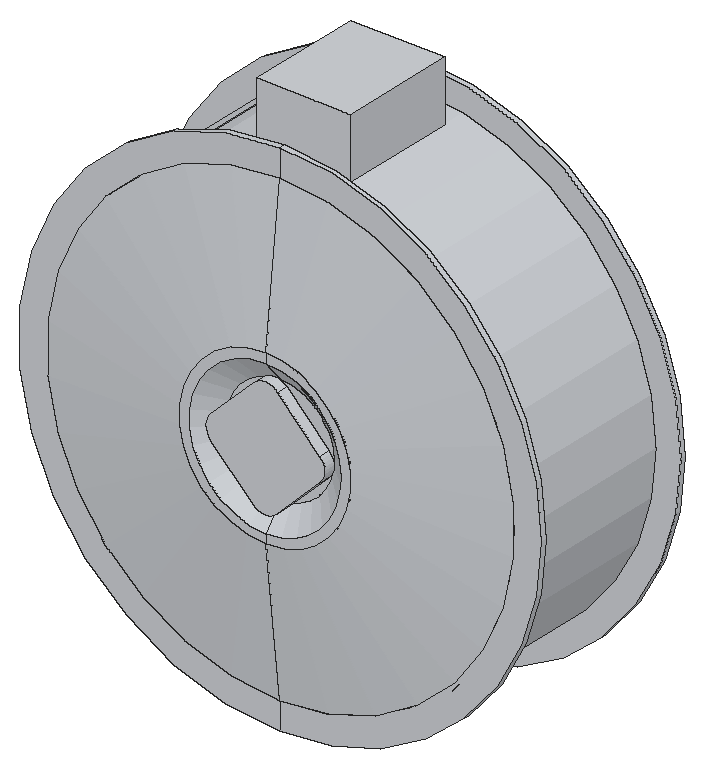
Revit family "17.1  Канальный осевой вентилятор FE Тип B", category Оборудование, Revit 2016
Family settings
  Тип детали = Нормальный
  Размер круглого соединителя = Использовать диаметр
  На основе рабочей плоскости = Нет
  Всегда вертикально = Да
  При загрузке вырезать с полостями = Нет
  Общий = Нет
  Точка расчета площади = Нет
Parameters (values of type "FE056-VDF")
  х = Д * 0.2  # 111.8 mm
  Частотный преобразователь [instance] = no
  Частота вращения n, об/мин = "1320"
  Тип, марка, обозначение = "FE056-VDF.4M.V7"
  Теплопроизводительность, кВт = ""
  Сила тока J, А = "2.6"
  Регулятор расхода [instance] = no
  Раздел = "ОВ"
  Примечание = ""
  Позиция = ""
  Напряжение U,В = ""
  Наименование и тех.хар-ка = " Канальный осевой вентилятор"  # constant formula
  Мощность, кВт = 1.25 W
  Материал = Сталь серая
  Масса единицы = "21 кг"
  Размер В = 11.5 mm
  Код, оборудования = ""
  Ключевая пометка = "Вентиляция"
  И = 72 mm  # constant formula
  Задание электрикам [instance] = no
  Задание автоматчикам [instance] = no
  Завод изготовитель = "KORF"  # constant formula
  Ж = 210 mm
  Единица измерения = "шт."  # constant formula
  Е = 22 mm
  Д3 = Д * 0.11  # 61.49 mm
  Д2 = Д * 0.15  # 83.85 mm
  Д1 = Д / 2  # 279.5 mm
  Д = 559 mm
  Г1 = Г / 2  # 317.5 mm
  Б = 16 mm
  А = 605 mm
  Г = 635 mm
Types (5, lengths in mm): name | х | Частота вращения n, об/мин | Тип, марка, обозначение | Сила тока J, А | Мощность, кВт | Масса единицы | Размер В | Ж | Д3 | Д2 | Д1 | Д | Г1 | Б | А | Г
  FE045-4EF | 90.2 | "1310" | "FE045-4EF.4I.V7" | "2.8" | 0.61 W | "15.8 кг" | 9.5 | 160 | 49.61 | 67.65 | 225.5 | 451 | 257.5 | 12 | 487 | 515
  FE050-VDF | 100.6 | "1340" | "FE050-VDF.4I.V7" | "1.35" | 0.78 W | "16.6 кг" | 9.5 | 165 | 55.33 | 75.45 | 251.5 | 503 | 283.5 | 12 | 541 | 567
  FE050-4EF | 100.6 | "1210" | "FE050-4EF.4I.V7" | "3.4" | 0.77 W | "16.6 кг" | 9.5 | 165 | 55.33 | 75.45 | 251.5 | 503 | 283.5 | 12 | 541 | 567
  FE056-VDF | 111.8 | "1320" | "FE056-VDF.4M.V7" | "2.6" | 1.25 W | "21 кг" | 11.5 | 210 | 61.49 | 83.85 | 279.5 | 559 | 317.5 | 16 | 605 | 635
  FE063-6EF | 126.8 | "900" | "FE063-6EF.4M.V7" | "3.5" | 0.78 W | "23 кг" | 11.5 | 220 | 69.74 | 95.1 | 317 | 634 | 353.5 | 16 | 674 | 707
Reference planes
  plane 1 "По центру (Вперед/Назад)": y = 0
  plane 2: z = 0
  plane 3 "По центру (Влево/Вправо)": x = 0
  plane 4: y = -44.875
  plane 5: y = 210
  plane 6: y = 6
  plane 7: y = 204
  plane 8: z = 317.5
  plane 9: z = 279.5
  plane 10: z = 284.5
  plane 11: z = 61.49
  plane 12: z = 83.85
  plane 13: through (0, -1524, 0) normal (0.7071, 0, 0.7071)
  plane 14: through (0, -1524, 0) normal (-0.7071, 0, 0.7071)
  plane 15: through (-94.597, -1524, 15.542) normal (0.7071, 0, 0.7071)
  plane 16: through (-19.131, -1524, 98.186) normal (0.7071, 0, 0.7071)
  plane 17: through (121.618, -1524, 42.564) normal (0.7071, 0, -0.7071)
  plane 18: through (-107.699, -1524, -28.645) normal (-0.7071, 0, 0.7071)
  plane 19: y = -22
  plane 20: y = 210
  plane 21: z = 279.5
  plane 22: z = 351.5
  plane 23: x = -55.9
  plane 24: x = 55.9
  plane 25: y = 175
  plane 26: y = 35
Forms (mm)
  Extrusion 1, void, not visible
    sketch origin (-345, -245, 50) x (0, -1, 0) y (0, 0, -1)
      loop
        line (-477.965, -475) -> (-477.965, -450) -> (-528.913, -450) -> (-528.913, -475) -> (-477.965, -475)
    from -47.452 to 12
  Revolve 2, solid, detail levels fine
    sketch origin (0, 0, 0) x (0, 1, 0) y (0, 0, 1)
      loop
        line (-8.467, 15) -> (-8.467, 0) -> (4.632, 0) -> (210, 0) -> (210, 84.68) -> (204, 95.072) -> (204, 276.257) -> (31, 276.257) -> (31, 15) -> (6, 15) -> (6, 279.5) -> (210, 279.5) -> (210, 314.19) -> (204, 314.19) -> (204, 284.5) -> (6, 284.5) -> (6, 312.05) -> (0, 312.05) -> (0, 279.5) -> (-22, 102.305) -> (-22, 90.88) -> (0, 64.217) -> (0, 15) -> (-8.467, 15)
      axis (210, 0) -> (-22, 0)
    angle from 0 to 360
  Extrusion 3, solid, detail levels fine
    sketch origin (0, 0, 0) x (1, 0, 0) y (0, 0, 1)
      loop
        arc (-64.912, 14.142) -> (-70.77, 0) -> (-64.912, -14.142) r 20
        line (-64.912, -14.142) -> (-14.142, -64.912)
        arc (-14.142, -64.912) -> (0, -70.77) -> (14.142, -64.912) r 20
        line (14.142, -64.912) -> (64.912, -14.142)
        arc (64.912, -14.142) -> (70.77, 0) -> (64.912, 14.142) r 20
        line (64.912, 14.142) -> (14.142, 64.912)
        arc (14.142, 64.912) -> (0, 70.77) -> (-14.142, 64.912) r 20
        line (-14.142, 64.912) -> (-64.912, 14.142)
    from 8.467 to 22
  Extrusion 4, solid, detail levels fine
    sketch origin (0, 0, 0) x (1, 0, 0) y (0, 0, 1)
      loop
        line (-55.9, 351.5) -> (-55.9, 279.5) -> (55.9, 279.5) -> (55.9, 351.5) -> (-55.9, 351.5)
    from -175 to -35
Lines and regions (mm)
  model lines, detail levels coarse
    curve 1: line (-314.19, 210, 0) -> (312.05, 210, 0)
    curve 2: line (-314.19, 0, 0) -> (-314.19, 210, 0)
    curve 3: line (312.05, 0, 0) -> (-314.19, 0, 0)
    curve 4: line (312.05, 210, 0) -> (312.05, 0, 0)
    curve 5: line (0, -55, 0) -> (-180.312, -235.312, 0)
    curve 6: line (-180.312, -235.312, 0) -> (0, -235.312, 0)
    curve 7: line (0, -55, 0) -> (180.312, -235.312, 0)
    curve 8: line (180.312, -235.312, 0) -> (0, -235.312, 0)
  model lines, not visible, detail levels coarse
    curve 9: line (0, -55, 0) -> (-180.312, -235.312, 0)
    curve 10: line (-180.312, -235.312, 0) -> (0, -235.312, 0)
    curve 11: line (0, -55, 0) -> (180.312, -235.312, 0)
    curve 12: line (180.312, -235.312, 0) -> (0, -235.312, 0)
  model lines, detail levels medium
    curve 13: line (0, 210, 314.19) -> (0, 0, 314.19)
    curve 14: line (0, 210, -312.05) -> (0, 210, 314.19)
    curve 15: line (0, 0, -312.05) -> (0, 210, -312.05)
    curve 16: line (0, 0, 314.19) -> (0, 0, -312.05)
    curve 17: line (0, -60, 0) -> (0, -296.881, 236.881)
    curve 18: line (0, -296.881, 236.881) -> (0, -296.881, 0)
    curve 19: line (0, -60, 0) -> (0, -296.881, -236.881)
    curve 20: line (0, -296.881, -236.881) -> (0, -296.881, 0)
  model lines, not visible, detail levels medium
    curve 21: line (0, -75, 0) -> (0, -311.881, 236.881)
    curve 22: line (0, -311.881, 236.881) -> (0, -311.881, 0)
    curve 23: line (0, -75, 0) -> (0, -311.881, -236.881)
    curve 24: line (0, -311.881, -236.881) -> (0, -311.881, 0)
Dimensions and locks
  "Ж": plane 1 "По центру (Вперед/Назад)" to plane 5
  locked: plane 7 to plane 5 at 6
  locked: plane 1 "По центру (Вперед/Назад)" to plane 6 at 6
  locked: plane 10 to plane 9 at 5
  "Г1": plane 8 to level
  "Д1": plane 9 to level
  "Д3": plane 11 to level
  "Д2": plane 12 to level
  equal spacing: plane 18, plane 14, plane 17
  "х": plane 18 to plane 17
  equal spacing: plane 16, plane 13, plane 15
  "х": plane 16 to plane 15
  plane 19 to plane 1 "По центру (Вперед/Назад)" = 22 mm
  "Е": plane 19 to plane 1 "По центру (Вперед/Назад)"
  "Д1": plane 21 to level
  "И": plane 22 to plane 21
  equal spacing: plane 24, plane 3 "По центру (Влево/Вправо)", plane 23
  "х": plane 24 to plane 23
  locked: plane 25 to plane 20 at 35
  locked: plane 1 "По центру (Вперед/Назад)" to plane 26 at 35
  radius of Extrusion 3 sketch curve = 20 mm  (x4)
  aligned and locked: level to plane 2
  aligned and locked: Revolve 2 sketch curve to plane 5
  aligned and locked: Revolve 2 sketch curve to plane 6  (x2)
  aligned and locked: plane 7 to Revolve 2 sketch curve
  aligned and locked: Extrusion 3 sketch curve to plane 18
  aligned and locked: Extrusion 3 sketch curve to plane 16
  aligned and locked: Extrusion 3 sketch curve to plane 17
  aligned and locked: plane 15 to Extrusion 3 sketch curve
  aligned and locked: Extrusion 3 to Revolve 2
  aligned and locked: Revolve 2 to plane 20
  aligned and locked: Extrusion 3 to plane 19
  aligned and locked: plane 19 to Revolve 2 sketch curve
  aligned and locked: plane 22 to Extrusion 4
  aligned and locked: plane 24 to Extrusion 4
  aligned and locked: Extrusion 4 to plane 23
  aligned and locked: Extrusion 4 to plane 21
  aligned and locked: plane 25 to Extrusion 4
  aligned and locked: Extrusion 4 to plane 26
  aligned and locked: curve 1 to Revolve 2
  aligned and locked: curve 3 to Revolve 2
  aligned and locked: curve 14 to Revolve 2
  aligned and locked: curve 16 to Revolve 2
Automatic sketch dimensions
  level to Extrusion 3 sketch curve = 14.142 mm  (x2)
  Extrusion 3 sketch curve to level = 14.142 mm  (x2)
  Extrusion 3 sketch curve to plane 3 "По центру (Влево/Вправо)" = 14.142 mm  (x2)
  plane 3 "По центру (Влево/Вправо)" to Extrusion 3 sketch curve = 14.142 mm  (x2)
  curve 16 to level = 312.05 mm
  plane 21 to curve 14 = 34.69 mm
  curve 3 to plane 23 = 258.29 mm
  plane 24 to curve 3 = 256.15 mm
  Revolve 2 sketch curve to level = 0 mm  (x2)
  Revolve 2 sketch curve to plane 4 = 0 mm
  Revolve 2 sketch curve to plane 1 "По центру (Вперед/Назад)" = 0 mm  (x2)
  Revolve 2 sketch curve to plane 7 = 0 mm
  Revolve 2 sketch curve to plane 5 = 0 mm
  Revolve 2 sketch curve to plane 9 = 0 mm  (x2)
  Revolve 2 sketch curve to plane 10 = 0 mm
  plane 1 "По центру (Вперед/Назад)" to Revolve 2 sketch curve = 8.467 mm
  plane 6 to Revolve 2 sketch curve = 1.368 mm
  Revolve 2 sketch curve to plane 26 = 4 mm
  level to Revolve 2 sketch curve = 15 mm
  Revolve 2 sketch curve to Revolve 2 sketch curve = 0 mm
  plane 11 to Revolve 2 sketch curve = 2.727 mm
  plane 12 to Revolve 2 sketch curve = 0.83 mm
  plane 12 to Revolve 2 sketch curve = 7.03 mm
  plane 12 to Revolve 2 sketch curve = 11.222 mm
  Revolve 2 sketch curve to Revolve 2 sketch curve = 11.424 mm
  Revolve 2 sketch curve to plane 9 = 3.243 mm
  Revolve 2 sketch curve to plane 8 = 5.45 mm
  Revolve 2 sketch curve to plane 8 = 3.31 mm
  plane 7 to Revolve 2 sketch curve = 1.376 mm
  Extrusion 4 sketch curve to plane 21 = 0 mm
  Extrusion 4 sketch curve to plane 23 = 0 mm
  Extrusion 4 sketch curve to plane 24 = 0 mm
  Extrusion 4 sketch curve to plane 22 = 0 mm
Nested families
  nested 1: "крепление 15мм" at (-330, 229.965, 495), type "крепление 15мм", not visible
Connectors
  hvac at (0, 210, 0), driven by "Д"
    settings: on Revolve 2, index 1, duct flow 0.0 L/s, flow factor 0, pres drop 0.0 Pa, loss coef 0, conn angle 0.00°, conn width 304.8 mm, conn height 304.8 mm, conn diameter 559 mm, duct sys type 28, conn prof type 0, flow config 0, flow direction 0, loss method 0, conn ref index -1, conn util no, is conn primary yes, conn desc ""
Definition of nested family "крепление 15мм"
  Parameters (values of type "крепление 15мм")
    Материал крепления = none
  Reference planes
    plane 1 "По центру (Вперед/Назад)": y = 0
    plane 2: z = 0
    plane 3 "По центру (Влево/Вправо)": x = 0
  Forms (mm)
    Extrusion 1, solid, material <- "Материал крепления"
      sketch origin (0, 0, 0) x (1, 0, 0) y (0, 1, 0)
        loop
          line (-25, 0) -> (0, 0) -> (0, 18.31) -> (0, 25) -> (-3, 25) -> (-3, 3) -> (-25, 3) -> (-25, 0)
      from 0 to 30
    Extrusion 2, void
      sketch origin (0, 0, 0) x (1, 0, 0) y (0, 1, 0)
        loop
          line (-3, 3) -> (-3, 54.96) -> (-58, 54.96) -> (-58, 3) -> (-3, 3)
      from 0 to 15
  Cuts and joins
    Extrusion 2 cuts Extrusion 1
  Dimensions and locks
    Extrusion 1 sketch curve to Extrusion 1 sketch curve = 3 mm  (x2)
    Extrusion 1 sketch curve to Extrusion 1 sketch curve to plane 3 "По центру (Влево/Вправо)" = 25 mm, 0 mm
    Extrusion 1 sketch curve to Extrusion 1 sketch curve = 25 mm
    aligned and locked: level to plane 2
